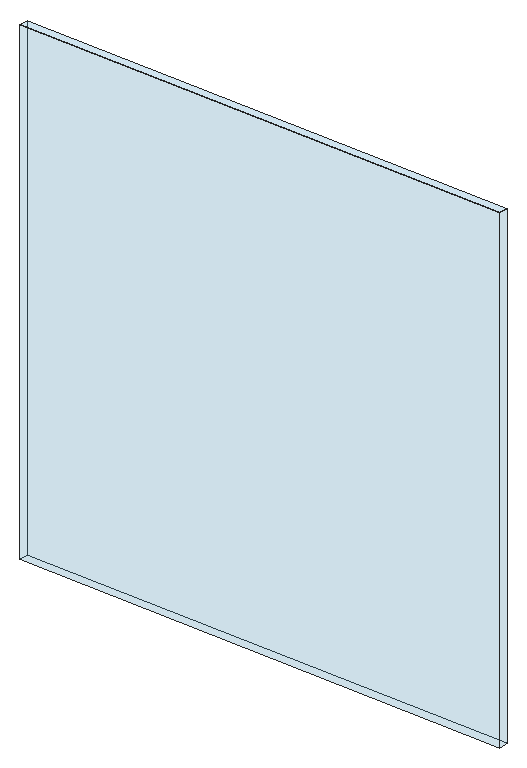
Revit family
Parameters (values of type "72" x 72"")
  Sealant = 0' - 0 3/8"
  Wet Set [instance] = yes
  DRY SET [instance] = yes
  Pocket Depth [instance] = 0' - 0 5/8"
  Head Height = Sill Height + Rough Height - Sealant  # 8' - 11 5/8"
  Depth [instance] = 0' - 5"
  Sill Height = 3' - 0"
  Rough Width = 6' - 0"
  Rough Height = 6' - 0"
  Model = "IP2551"
  Material = ""
  Manufacturer = "Arcadia"
  Sightline = 0' - 3"
  Height = Rough Height - Sealant - Sealant  # 5' - 11 1/4"
  Wall Closure = (empty or 0)
  Width = Rough Width - Sealant - Sealant  # 5' - 11 1/4"
  Glass Thickness [instance] = 0' - 1 5/16"
  Offset to Inside Face of Glass [instance] = 0' - 1 13/16"
  Construction Type = "Aluminum"
  Center of Rough Opening [instance] = Rough Width / 2  # 3' - 0"
  Center of Glass [instance] = Glass Thickness / 2  # 0' - 0 21/32"
  Center Wall to Outside Face [instance] = 0' - 2 7/8"
  Assembly Code = ""
Reference planes (in)
  plane 1 "Center (Front/Back)": y = 0
  plane 2: z = 0
  plane 3 "Center (Left/Right)": x = 12
  plane 4 "Rough Opening Bottom": z = 36
  plane 5 "Rough Opening Top": z = 108
  plane 6 "Exterior Face": y = 3.25
  plane 7 "Frame Top": z = 105
  plane 8 "Frame Bottom": z = 39
  plane 9 "Rough Opening Left": x = -24
  plane 10 "Rough Opening Right": x = 48
  plane 11 "Frame Left": x = -21
  plane 12 "Frame Right": x = 45
  plane 13 "Exterior Glass Edge": y = 0.08019
  plane 14 "Interior Glass Edge": y = -1.23231
  plane 15 "Glass Centerline": y = -0.57606
  plane 16 "Frame Outside": y = 1.95519
  plane 17 "Frame Inside": y = -3.04481
  plane 18: z = 105.625
  plane 19: z = 38.375
  plane 20: x = 45.625
  plane 21: x = -21.625
  plane 22: x = 47.625
  plane 23: x = -23.625
  plane 24: z = 107.625
  plane 25: z = 36.375
Forms (in)
  Extrusion 1, solid, material "Anodize Arcadia AC2 Clear #11", detail levels coarse
    sketch origin (0, 0, 36) x (0, -1, 0) y (1, 0, 0)
      loop
        line (-1.95519, -24) -> (3.04481, -24) -> (3.04481, -21) -> (1.23231, -21) -> (1.23231, -21.625) -> (-0.08019, -21.625) -> (-0.08019, -21) -> (-1.95519, -21) -> (-1.95519, -24)
    from 0 to 72 <- "Rough Height"
  Extrusion 2, solid, material "Anodize Arcadia AC2 Clear #11", detail levels coarse
    sketch origin (0, 0, 36) x (0, -1, 0) y (1, 0, 0)
      loop
        line (-1.95519, 45) -> (-0.08019, 45) -> (-0.08019, 45.625) -> (1.23231, 45.625) -> (1.23231, 45) -> (3.04481, 45) -> (3.04481, 48) -> (-1.95519, 48) -> (-1.95519, 45)
    from 0 to 72 <- "Rough Height"
  Extrusion 3, solid, material "Glass"
    sketch origin (-0.5, 0, 36) x (0, -1, 0) y (1, 0, 0)
      loop
        line (-0.08019, -21.125) -> (1.23231, -21.125) -> (1.23231, 46.125) -> (-0.08019, 46.125) -> (-0.08019, -21.125)
    from 2.375 to 69.625
  Extrusion 4, solid, material "Anodize Arcadia AC2 Clear #11", detail levels coarse
    sketch origin (-24, 0, 0) x (0, 1, 0) y (0, 0, 1)
      loop
        line (-3.04481, 108) -> (-3.04481, 105) -> (-1.23231, 105) -> (-1.23231, 105.625) -> (0.08019, 105.625) -> (0.08019, 105) -> (1.95519, 105) -> (1.95519, 108) -> (-3.04481, 108)
    from 0 to 72 <- "Rough Width"
  Extrusion 5, solid, material "Anodize Arcadia AC2 Clear #11", detail levels coarse
    sketch origin (-24, 0, 0) x (0, 1, 0) y (0, 0, 1)
      loop
        line (1.95519, 39) -> (0.08019, 39) -> (0.08019, 38.375) -> (-1.23231, 38.375) -> (-1.23231, 39) -> (-3.04481, 39) -> (-3.04481, 36) -> (1.95519, 36) -> (1.95519, 39)
    from 0 to 72 <- "Rough Width"
  Extrusion 6, void
    sketch origin (0, 0, 36) x (0, -1, 0) y (1, 0, 0)
      loop
        line (-3.25, -24) -> (4.75, -24) -> (4.75, 48) -> (-3.25, 48) -> (-3.25, -24)
    from 0 to 72 <- "Rough Height"
Lines and regions (in)
  symbolic lines, detail levels coarse
    curve 1: line (-24, 1.95519, 0) -> (-21, 1.95519, 0)
    curve 2: line (-21, 1.95519, 0) -> (-21, 0.08019, 0)
    curve 3: line (45.625, 0.08019, 0) -> (-21.625, 0.08019, 0)
    curve 4: line (-21.625, 0.08019, 0) -> (-21.625, -1.23231, 0)
    curve 5: line (-21.625, -1.23231, 0) -> (45.625, -1.23231, 0)
    curve 6: line (-21, -1.23231, 0) -> (-21, -3.04481, 0)
    curve 7: line (-21, -3.04481, 0) -> (-24, -3.04481, 0)
    curve 8: line (-24, -3.04481, 0) -> (-24, 1.95519, 0)
    curve 9: line (45, 1.95519, 0) -> (48, 1.95519, 0)
    curve 10: line (48, 1.95519, 0) -> (48, -3.04481, 0)
    curve 11: line (48, -3.04481, 0) -> (45, -3.04481, 0)
    curve 12: line (45, -3.04481, 0) -> (45, -1.23231, 0)
    curve 13: line (45.625, -1.23231, 0) -> (45.625, 0.08019, 0)
    curve 14: line (45, 0.08019, 0) -> (45, 1.95519, 0)
Text (in)
  text "EXTERIOR" at (-58.6888, 50.90694, 0), in view "Ref. Level"
  text "INTERIOR" at (-58.6888, -37.76638, 0), in view "Ref. Level"
  text "Exterior" at (0, 43.65631, 123.19604), in view "Left"
  text "Exterior" at (0, 18.29385, 125.04747), in view "Right"
Dimensions and locks (in)
  "Rough Height": plane 4 "Rough Opening Bottom" to plane 5 "Rough Opening Top"
  "Sill Height": plane 2 to plane 4 "Rough Opening Bottom"
  "Sightline": plane 7 "Frame Top" to plane 5 "Rough Opening Top"
  "Sightline": plane 4 "Rough Opening Bottom" to plane 8 "Frame Bottom"
  "Rough Width": plane 9 "Rough Opening Left" to plane 10 "Rough Opening Right"
  "Sightline": plane 9 "Rough Opening Left" to plane 11 "Frame Left"
  "Sightline": plane 12 "Frame Right" to plane 10 "Rough Opening Right"
  "Depth": plane 17 "Frame Inside" to plane 16 "Frame Outside"
  "Glass Thickness": plane 13 "Exterior Glass Edge" to plane 14 "Interior Glass Edge"
  "Center of Glass": plane 15 "Glass Centerline" to plane 14 "Interior Glass Edge"
  "Center of Rough Opening": plane 9 "Rough Opening Left" to plane 3 "Center (Left/Right)"
  "Offset to Inside Face of Glass": plane 17 "Frame Inside" to plane 14 "Interior Glass Edge"
  "Pocket Depth": plane 12 "Frame Right" to plane 20
  "Pocket Depth": plane 21 to plane 11 "Frame Left"
  "Pocket Depth": plane 7 "Frame Top" to plane 18
  "Pocket Depth": plane 19 to plane 8 "Frame Bottom"
  "Sealant": plane 22 to plane 10 "Rough Opening Right"
  "Sealant": plane 9 "Rough Opening Left" to plane 23
  "Sealant": plane 4 "Rough Opening Bottom" to plane 25
  "Sealant": plane 24 to plane 5 "Rough Opening Top"
  aligned and locked: plane 6 "Exterior Face" to host wall
  aligned and locked: Extrusion 1 sketch curve to plane 17 "Frame Inside"
  aligned and locked: plane 16 "Frame Outside" to Extrusion 1 sketch curve
  aligned and locked: Extrusion 1 sketch curve to plane 11 "Frame Left"
  aligned and locked: plane 9 "Rough Opening Left" to Extrusion 1 sketch curve
  aligned and locked: plane 12 "Frame Right" to Extrusion 2 sketch curve
  aligned and locked: Extrusion 2 sketch curve to plane 10 "Rough Opening Right"
  aligned and locked: Extrusion 2 sketch curve to plane 17 "Frame Inside"
  aligned and locked: plane 16 "Frame Outside" to Extrusion 2 sketch curve
  aligned and locked: Extrusion 3 sketch curve to plane 13 "Exterior Glass Edge"
  aligned and locked: plane 14 "Interior Glass Edge" to Extrusion 3 sketch curve
  aligned and locked: plane 5 "Rough Opening Top" to Extrusion 4 sketch curve
  aligned and locked: Extrusion 4 sketch curve to plane 7 "Frame Top"
  aligned and locked: Extrusion 4 sketch curve to plane 17 "Frame Inside"
  aligned and locked: plane 16 "Frame Outside" to Extrusion 4 sketch curve
  aligned and locked: Extrusion 5 sketch curve to plane 4 "Rough Opening Bottom"
  aligned and locked: plane 8 "Frame Bottom" to Extrusion 5 sketch curve
  aligned and locked: Extrusion 5 sketch curve to plane 17 "Frame Inside"
  aligned and locked: plane 16 "Frame Outside" to Extrusion 5 sketch curve
  aligned and locked: plane 4 "Rough Opening Bottom" to nested 1
  aligned and locked: plane 19 to Extrusion 3
  aligned and locked: Extrusion 3 to plane 18
  aligned and locked: plane 17 "Frame Inside" to nested 1
  aligned and locked: level to plane 2
  aligned and locked: plane 16 "Frame Outside" to curve 1
  aligned and locked: curve 2 to plane 11 "Frame Left"
  aligned and locked: curve 6 to plane 11 "Frame Left"
  aligned and locked: curve 7 to plane 17 "Frame Inside"
  aligned and locked: curve 4 to plane 21
  aligned and locked: plane 9 "Rough Opening Left" to curve 8
  aligned and locked: curve 5 to plane 14 "Interior Glass Edge"
  aligned and locked: plane 20 to curve 13
  aligned and locked: plane 12 "Frame Right" to curve 14
  aligned and locked: plane 12 "Frame Right" to curve 12
  aligned and locked: curve 11 to plane 17 "Frame Inside"
  aligned and locked: curve 10 to plane 10 "Rough Opening Right"
  aligned and locked: plane 16 "Frame Outside" to curve 9
  aligned and locked: Extrusion 1 sketch curve to plane 21
  aligned and locked: plane 13 "Exterior Glass Edge" to curve 3
  aligned and locked: plane 13 "Exterior Glass Edge" to Extrusion 1 sketch curve
  aligned and locked: Extrusion 1 sketch curve to plane 14 "Interior Glass Edge"
  aligned and locked: Extrusion 5 sketch curve to plane 14 "Interior Glass Edge"
  aligned and locked: plane 19 to Extrusion 5 sketch curve
  aligned and locked: plane 13 "Exterior Glass Edge" to Extrusion 5 sketch curve
  aligned and locked: plane 14 "Interior Glass Edge" to Extrusion 2 sketch curve
  aligned and locked: Extrusion 2 sketch curve to plane 20
  aligned and locked: Extrusion 2 sketch curve to plane 13 "Exterior Glass Edge"
  aligned and locked: plane 18 to Extrusion 4 sketch curve
  aligned and locked: Extrusion 4 sketch curve to plane 13 "Exterior Glass Edge"
  aligned and locked: plane 14 "Interior Glass Edge" to Extrusion 4 sketch curve
  aligned and locked: plane 9 "Rough Opening Left" to Extrusion 6 sketch curve
  aligned and locked: plane 6 "Exterior Face" to Extrusion 6 sketch curve
  aligned and locked: host wall to Extrusion 6 sketch curve
  aligned and locked: plane 10 "Rough Opening Right" to Extrusion 6 sketch curve
  aligned and locked: plane 16 "Frame Outside" to nested 2
  aligned and locked: plane 5 "Rough Opening Top" to nested 2
  aligned and locked: plane 5 "Rough Opening Top" to import instance
  aligned and locked: plane 17 "Frame Inside" to import instance
  aligned and locked: import instance to plane 17 "Frame Inside"
  aligned and locked: plane 4 "Rough Opening Bottom" to import instance
  aligned and locked: plane 16 "Frame Outside" to nested 3
  aligned and locked: Extrusion 1 to plane 9 "Rough Opening Left"
  aligned and locked: plane 16 "Frame Outside" to nested 4
  aligned and locked: plane 10 "Rough Opening Right" to Extrusion 2
  aligned and locked: plane 9 "Rough Opening Left" to import instance
  aligned and locked: plane 16 "Frame Outside" to import instance
  aligned and locked: plane 10 "Rough Opening Right" to import instance
  aligned and locked: import instance to plane 16 "Frame Outside"
Automatic sketch dimensions
  Extrusion 3 sketch curve to plane 21 = 0' - 0"
  Extrusion 3 sketch curve to plane 20 = 0' - 0"
  Extrusion 1 sketch curve to plane 11 "Frame Left" = 0' - 0"
  Extrusion 5 sketch curve to plane 8 "Frame Bottom" = 0' - 0"
  Extrusion 2 sketch curve to plane 12 "Frame Right" = 0' - 0"
  Extrusion 4 sketch curve to plane 7 "Frame Top" = 0' - 0"
Nested families (in)
  nested 1: "Window-Arcadia-IP2551-Med-Sill" at (33.875, -0.51356, 36) x (0, -1, 0) z (1, 0, 0), type "Window-Arcadia-IPP2551-Med-Sill", detail levels medium
    with Sightline 0' - 3", Pocket Depth 0' - 0 5/8", Offset to Inside Face of Glass 0' - 1 7/8", Glass Width 0' - 1 5/16", Frame Wall Thickness 0' - 0 3/32", Depth 0' - 5", Center of Glass 0' - 0 21/32"
  nested 2: "Window-Arcadia-IP2551-Med-Head" at (-21, -0.57606, 108) x (0, 1, 0) z (1, 0, 0), type "Window-Arcadia-IP2551-Med-Head", detail levels medium
    with Sightline 0' - 3", Pocket Depth 0' - 0 5/8", Offset to Inside Face of Glass 0' - 1 7/8", Glass Width 0' - 1 5/16", Frame Wall Thickness 0' - 0 3/32", Depth 0' - 5", Center of Glass 0' - 0 21/32"
  nested 3: "Window-Arcadia-IP2551-Med-Jamb-L" at (-22.9375, -0.57606, 0) x (-1, 0, 0) z (0, 0, 1), type "Window-Arcadia-IP2551-Med-Jamb-L", detail levels medium
    with Sightline 0' - 3", Pocket Depth 0' - 0 5/8", Offset to Inside Face of Glass 0' - 1 7/8", Glass Width 0' - 1 5/16", Frame Wall Thickness 0' - 0 3/32", Depth 0' - 5", Center of Glass 0' - 0 21/32"
  nested 4: "Window-Arcadia-IP2551-Med-Jamb-R" at (46.9375, -0.57606, 0) x (-1, 0, 0) z (0, 0, 1), type "Window-Arcadia-IP2551-Med-Jamb-R", detail levels medium
    with Sightline 0' - 3", Pocket Depth 0' - 0 5/8", Offset to Inside Face of Glass 0' - 1 7/8", Glass Width 0' - 1 5/16", Frame Wall Thickness 0' - 0 3/32", Depth 0' - 5", Center of Glass 0' - 0 21/32"
Definition of nested family "Window-Arcadia-IP2551-Med-Sill"
  Parameters (values of type "Window-Arcadia-A400-Med-Sill")
    Depth [instance] = 0' - 6"
    Pocket Depth [instance] = 0' - 0 1/2"
    Offset to Inside Face of Glass [instance] = 0' - 4"
    Glass Width [instance] = 0' - 1"
    Sightline [instance] = 0' - 2 5/8"
    Center of Glass [instance] = Glass Width / 2  # 0' - 0 1/2"
    Frame Wall Thickness [instance] = 0' - 0 3/32"
    Assembly Code = ""
  Reference planes (in)
    plane 1 "Center (Front/Back)": y = 0
    plane 2: z = 0
    plane 3 "Center (Left/Right)": x = 0
    plane 4: x = -0.5
    plane 5 "Inside Face of Glass": x = 0.5
    plane 6: y = 2.625
    plane 7: x = 4.5
    plane 8: x = -1.5
    plane 9: y = 2.125
  Lines and regions (in)
    detail lines, in view "Ref. Level", detail levels medium
      curve 1: line (-1.5, 2.625, 0) -> (-1.5, 0, 0)
      curve 2: line (-1.5, 0, 0) -> (4.5, 0, 0)
      curve 3: line (4.5, 0, 0) -> (4.5, 2.625, 0)
      curve 4: line (4.5, 2.625, 0) -> (0.5, 2.625, 0)
      curve 5: line (0.5, 2.625, 0) -> (0.5, 2.125, 0)
      curve 6: line (0.5, 2.125, 0) -> (-0.5, 2.125, 0)
      curve 7: line (-0.5, 2.125, 0) -> (-0.5, 2.625, 0)
      curve 8: line (-0.5, 2.625, 0) -> (-1.5, 2.625, 0)
      curve 9: line (-0.59375, 2.53125, 0) -> (-1.40625, 2.53125, 0)
      curve 10: line (-1.40625, 2.53125, 0) -> (-1.40625, 0.09375, 0)
      curve 11: line (-1.40625, 0.09375, 0) -> (4.40625, 0.09375, 0)
      curve 12: line (4.40625, 0.09375, 0) -> (4.40625, 2.53125, 0)
      curve 13: line (4.40625, 2.53125, 0) -> (0.59375, 2.53125, 0)
      curve 14: line (0.59375, 2.53125, 0) -> (0.59375, 2.03125, 0)
      curve 15: line (0.59375, 2.03125, 0) -> (-0.59375, 2.03125, 0)
      curve 16: line (-0.59375, 2.03125, 0) -> (-0.59375, 2.53125, 0)
  Dimensions and locks (in)
    "Pocket Depth": plane 9 to plane 6
    "Sightline": plane 1 "Center (Front/Back)" to plane 6
    "Depth": plane 8 to plane 7
    "Offset to Inside Face of Glass": plane 5 "Inside Face of Glass" to plane 7
    "Glass Width": plane 4 to plane 5 "Inside Face of Glass"
    "Center of Glass": plane 3 "Center (Left/Right)" to plane 5 "Inside Face of Glass"
    "Frame Wall Thickness": curve 9 to plane 6
    "Frame Wall Thickness": plane 8 to curve 10
    "Frame Wall Thickness": plane 1 "Center (Front/Back)" to curve 11
    "Frame Wall Thickness": curve 12 to plane 7
    "Frame Wall Thickness": curve 13 to plane 6
    "Frame Wall Thickness": plane 5 "Inside Face of Glass" to curve 14
    "Frame Wall Thickness": curve 15 to plane 9
    "Frame Wall Thickness": curve 16 to plane 4
    aligned and locked: plane 1 "Center (Front/Back)" to curve 2
    aligned and locked: plane 7 to curve 3
    aligned and locked: curve 1 to plane 8
    aligned and locked: curve 8 to plane 6
    aligned and locked: curve 4 to plane 6
    aligned and locked: curve 6 to plane 9
    aligned and locked: curve 5 to plane 5 "Inside Face of Glass"
    aligned and locked: plane 4 to curve 7
  Automatic sketch dimensions
    curve 7 to plane 9 = 0' - 0"
Definition of nested family "Window-Arcadia-IP2551-Med-Head"
  Parameters (values of type "Window-Arcadia-AR450P-Med-Head")
    Depth [instance] = 0' - 5"
    Pocket Depth [instance] = 0' - 0 1/2"
    Offset to Inside Face of Glass [instance] = 0' - 2 7/32"
    Glass Width [instance] = 0' - 0 9/16"
    Sightline [instance] = 0' - 3"
    Center of Glass [instance] = Glass Width / 2  # 0' - 0 9/32"
    Frame Wall Thickness [instance] = 0' - 0 3/32"
    Assembly Code = ""
  Reference planes (in)
    plane 1 "Center (Front/Back)": y = 0
    plane 2: z = 0
    plane 3 "Center (Left/Right)": x = 0
    plane 4: x = -0.28125
    plane 5 "Inside Face of Glass": x = 0.28125
    plane 6: y = -3
    plane 7: x = 2.5
    plane 8: x = -2.5
    plane 9: y = -2.5
  Lines and regions (in)
    detail lines, in view "Ref. Level", detail levels medium
      curve 1: line (-2.5, 0, 0) -> (-2.5, -3, 0)
      curve 2: line (-2.5, -3, 0) -> (-0.28125, -3, 0)
      curve 3: line (-0.28125, -3, 0) -> (-0.28125, -2.5, 0)
      curve 4: line (-0.28125, -2.5, 0) -> (0.28125, -2.5, 0)
      curve 5: line (0.28125, -2.5, 0) -> (0.28125, -3, 0)
      curve 6: line (0.28125, -3, 0) -> (2.5, -3, 0)
      curve 7: line (2.5, -3, 0) -> (2.5, 0, 0)
      curve 8: line (2.5, 0, 0) -> (-2.5, 0, 0)
      curve 9: line (-2.40625, -0.09375, 0) -> (-2.40625, -2.90625, 0)
      curve 10: line (2.40625, -0.09375, 0) -> (-2.40625, -0.09375, 0)
      curve 11: line (2.40625, -2.90625, 0) -> (2.40625, -0.09375, 0)
      curve 12: line (0.375, -2.90625, 0) -> (2.40625, -2.90625, 0)
      curve 13: line (-2.40625, -2.90625, 0) -> (-0.375, -2.90625, 0)
      curve 14: line (-0.375, -2.90625, 0) -> (-0.375, -2.40625, 0)
      curve 15: line (-0.375, -2.40625, 0) -> (0.375, -2.40625, 0)
      curve 16: line (0.375, -2.40625, 0) -> (0.375, -2.90625, 0)
  Dimensions and locks (in)
    "Sightline": plane 6 to plane 1 "Center (Front/Back)"
    "Depth": plane 8 to plane 7
    "Pocket Depth": plane 6 to plane 9
    "Offset to Inside Face of Glass": plane 5 "Inside Face of Glass" to plane 7
    "Glass Width": plane 4 to plane 5 "Inside Face of Glass"
    "Center of Glass": plane 3 "Center (Left/Right)" to plane 5 "Inside Face of Glass"
    "Frame Wall Thickness": plane 8 to curve 9
    "Frame Wall Thickness": curve 10 to plane 1 "Center (Front/Back)"
    "Frame Wall Thickness": curve 11 to plane 7
    "Frame Wall Thickness": plane 6 to curve 12
    "Frame Wall Thickness": plane 6 to curve 13
    "Frame Wall Thickness": plane 9 to curve 15
    "Frame Wall Thickness": plane 5 "Inside Face of Glass" to curve 16
    "Frame Wall Thickness": curve 14 to plane 4
    aligned and locked: curve 8 to plane 1 "Center (Front/Back)"
    aligned and locked: plane 7 to curve 7
    aligned and locked: curve 1 to plane 8
    aligned and locked: plane 9 to curve 4
    aligned and locked: plane 4 to curve 3
    aligned and locked: plane 6 to curve 2
    aligned and locked: plane 6 to curve 6
  Automatic sketch dimensions
    curve 5 to plane 5 "Inside Face of Glass" = 0' - 0"
Definition of nested family "Window-Arcadia-IP2551-Med-Jamb-L"
  Parameters (values of type "Window-Arcadia-TC670-Med-Jamb-L")
    Depth [instance] = 0' - 6"
    Pocket Depth [instance] = 0' - 0 1/2"
    Offset to Inside Face of Glass [instance] = 0' - 4"
    Glass Width [instance] = 0' - 1"
    Sightline [instance] = 0' - 2 1/8"
    Center of Glass [instance] = Glass Width / 2  # 0' - 0 1/2"
    Frame Wall Thickness [instance] = 0' - 0 3/32"
    Assembly Code = ""
  Reference planes (in)
    plane 1 "Center (Front/Back)": y = 0
    plane 2: z = 0
    plane 3 "BACK": x = 1.0625
    plane 4 "FRONT": x = -1.0625
    plane 5: y = 1.5
    plane 6: y = -4.5
    plane 7 "Inside Face of Glass": y = 0.5
    plane 8: y = -0.5
    plane 9: x = -0.5625
  Lines and regions (in)
    detail lines, in view "Ref. Level", detail levels medium
      curve 1: line (1.0625, 1.5, 0) -> (1.0625, -4.5, 0)
      curve 2: line (1.0625, -4.5, 0) -> (-1.0625, -4.5, 0)
      curve 3: line (-1.0625, -4.5, 0) -> (-1.0625, -0.5, 0)
      curve 4: line (-1.0625, -0.5, 0) -> (-0.5625, -0.5, 0)
      curve 5: line (-0.5625, -0.5, 0) -> (-0.5625, 0.5, 0)
      curve 6: line (-0.5625, 0.5, 0) -> (-1.0625, 0.5, 0)
      curve 7: line (-1.0625, 0.5, 0) -> (-1.0625, 1.5, 0)
      curve 8: line (-1.0625, 1.5, 0) -> (1.0625, 1.5, 0)
      curve 9: line (-0.96875, 1.40625, 0) -> (0.96875, 1.40625, 0)
      curve 10: line (-0.96875, 0.59375, 0) -> (-0.96875, 1.40625, 0)
      curve 11: line (-0.46875, 0.59375, 0) -> (-0.96875, 0.59375, 0)
      curve 12: line (-0.46875, -0.59375, 0) -> (-0.46875, 0.59375, 0)
      curve 13: line (-0.96875, -0.59375, 0) -> (-0.46875, -0.59375, 0)
      curve 14: line (-0.96875, -4.40625, 0) -> (-0.96875, -0.59375, 0)
      curve 15: line (0.96875, -4.40625, 0) -> (-0.96875, -4.40625, 0)
      curve 16: line (0.96875, 1.40625, 0) -> (0.96875, -4.40625, 0)
  Dimensions and locks (in)
    "Depth": plane 5 to plane 6
    "Pocket Depth": plane 4 "FRONT" to plane 9
    "Sightline": plane 4 "FRONT" to plane 3 "BACK"
    "Glass Width": plane 8 to plane 7 "Inside Face of Glass"
    "Center of Glass": plane 1 "Center (Front/Back)" to plane 7 "Inside Face of Glass"
    "Frame Wall Thickness": plane 4 "FRONT" to curve 10
    "Frame Wall Thickness": plane 5 to curve 9
    "Frame Wall Thickness": curve 15 to plane 6
    "Frame Wall Thickness": curve 13 to plane 8
    "Frame Wall Thickness": plane 9 to curve 12
    "Frame Wall Thickness": plane 7 "Inside Face of Glass" to curve 11
    "Frame Wall Thickness": plane 4 "FRONT" to curve 14
    "Offset to Inside Face of Glass": plane 6 to plane 8
    aligned and locked: curve 8 to plane 5
    aligned and locked: curve 1 to plane 3 "BACK"
    aligned and locked: plane 6 to curve 2
    aligned and locked: curve 3 to plane 4 "FRONT"
    aligned and locked: plane 8 to curve 4
    aligned and locked: plane 9 to curve 5
    aligned and locked: curve 6 to plane 7 "Inside Face of Glass"
    aligned and locked: plane 4 "FRONT" to curve 7
  Automatic sketch dimensions
    curve 16 to plane 3 "BACK" = 0' - 0 3/32"
Definition of nested family "Window-Arcadia-IP2551-Med-Jamb-R"
  Parameters (values of type "Window-Arcadia-TC670-Med-Jamb-R")
    Depth [instance] = 0' - 6"
    Pocket Depth [instance] = 0' - 0 3/4"
    Offset to Inside Face of Glass [instance] = 0' - 4"
    Glass Width [instance] = 0' - 1"
    Sightline [instance] = 0' - 2 5/8"
    Center of Glass [instance] = Glass Width / 2  # 0' - 0 1/2"
    Frame Wall Thickness [instance] = 0' - 0 3/32"
    Assembly Code = ""
  Reference planes (in)
    plane 1 "Center (Front/Back)": y = 0
    plane 2: z = 0
    plane 3: x = 1.5625
    plane 4 "back": x = -1.0625
    plane 5: y = 4.5
    plane 6: y = -1.5
    plane 7 "Inside Face of Glass": y = 0.5
    plane 8: y = -0.5
    plane 9: x = 0.8125
  Lines and regions (in)
    detail lines, in view "Ref. Level", detail levels medium
      curve 1: line (-1.0625, 4.5, 0) -> (-1.0625, -1.5, 0)
      curve 2: line (-1.0625, -1.5, 0) -> (1.5625, -1.5, 0)
      curve 3: line (1.5625, -1.5, 0) -> (1.5625, -0.5, 0)
      curve 4: line (1.5625, -0.5, 0) -> (0.8125, -0.5, 0)
      curve 5: line (0.8125, -0.5, 0) -> (0.8125, 0.5, 0)
      curve 6: line (0.8125, 0.5, 0) -> (1.5625, 0.5, 0)
      curve 7: line (1.5625, 0.5, 0) -> (1.5625, 4.5, 0)
      curve 8: line (1.5625, 4.5, 0) -> (-1.0625, 4.5, 0)
      curve 9: line (1.46875, 4.40625, 0) -> (-0.96875, 4.40625, 0)
      curve 10: line (-0.96875, 4.40625, 0) -> (-0.96875, -1.40625, 0)
      curve 11: line (-0.96875, -1.40625, 0) -> (1.46875, -1.40625, 0)
      curve 12: line (1.46875, -1.40625, 0) -> (1.46875, -0.59375, 0)
      curve 13: line (1.46875, -0.59375, 0) -> (0.71875, -0.59375, 0)
      curve 14: line (0.71875, -0.59375, 0) -> (0.71875, 0.59375, 0)
      curve 15: line (0.71875, 0.59375, 0) -> (1.46875, 0.59375, 0)
      curve 16: line (1.46875, 0.59375, 0) -> (1.46875, 4.40625, 0)
      curve 17: line (1.5625, 4.5, 0) -> (-1.0625, 4.5, 0)
      curve 18: line (-1.0625, 4.40625, 0) -> (-1.0625, -1.5, 0)
  Dimensions and locks (in)
    "Sightline": plane 4 "back" to plane 3
    "Depth": plane 5 to plane 6
    "Center of Glass": plane 1 "Center (Front/Back)" to plane 7 "Inside Face of Glass"
    "Glass Width": plane 8 to plane 7 "Inside Face of Glass"
    "Pocket Depth": plane 9 to plane 3
    "Offset to Inside Face of Glass": plane 5 to plane 7 "Inside Face of Glass"
    "Frame Wall Thickness": plane 5 to curve 9
    "Frame Wall Thickness": plane 4 "back" to curve 10
    "Frame Wall Thickness": curve 11 to plane 6
    "Frame Wall Thickness": curve 12 to plane 3
    "Frame Wall Thickness": curve 13 to plane 8
    "Frame Wall Thickness": plane 7 "Inside Face of Glass" to curve 15
    "Frame Wall Thickness": curve 14 to plane 9
    "Frame Wall Thickness": curve 16 to plane 3
    aligned and locked: plane 5 to curve 8
    aligned and locked: curve 1 to plane 4 "back"
    aligned and locked: curve 2 to plane 6
    aligned and locked: plane 3 to curve 3
    aligned and locked: curve 4 to plane 8
    aligned and locked: plane 9 to curve 5
    aligned and locked: plane 7 "Inside Face of Glass" to curve 6
    aligned and locked: plane 3 to curve 7
  Automatic sketch dimensions
    curve 18 to curve 9 = 0' - 0"
